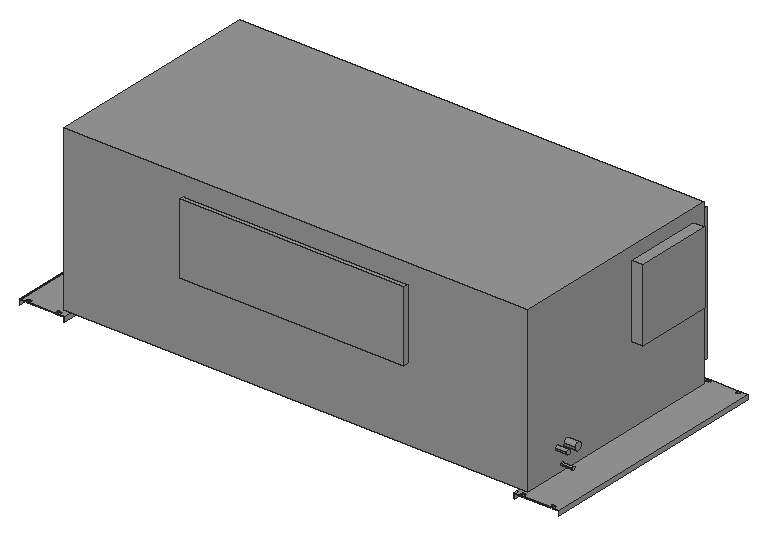
Revit family "Internal block_450_560_DH_1R1A", category Оборудование, Revit 2021
Family settings
  Размер круглого соединителя = Использовать диаметр
  Классификация = Нет
  Тип детали = Нормальный
  На основе рабочей плоскости = Нет
  Всегда вертикально = Да
  При загрузке вырезать с полостями = Нет
  Общий = Нет
  Точка принадлежности помещению = Нет
Parameters (values of type "BLHV-560-I-DH-AC/1R1A")
  dr = 15.9 mm
  dg = 28.6 mm
  dd = 10 mm
  Width = B  # 916 mm
  Weight = 222.00 kg
  Pressure_Static_Air [instance] = 0.0 Pa
  Power = 2500 W
  Maximum Air Flow = 0.0 L/s
  Load Classification = "HVAC"
  Length = A  # 2165 mm
  I = 563 mm
  Height = C  # 676 mm
  Отметка по умолчанию = 0 mm
  Изготовитель = "BLAUBERG"  # constant formula
  URL = ""
  Maintenance zone material = none
  H = 1563 mm
  Grid Material = Mesh, steel, painted,  white
  G = 292 mm
  F = 928 mm
  E = 950 mm
  Db = D1  # 1926 mm
  D2 = 2176 mm
  D1 = 1926 mm
  Casing Material = Steel, galvanized
  C = 676 mm
  Bb = B  # 916 mm
  B = 916 mm
  Air Flow [instance] = 0.0 L/s
  A = 2165 mm
  09_System_Name [instance] = ""
  00_20_Type = "BLHV-560-I-DH-AC/1R1A"
  00_20_Name = "Internal block"  # constant formula
  00_20_Manufacturer = "BLAUBERG"  # constant formula
Types (3, lengths in mm): name | Power | 00_20_Type
  (no name) | 2500 W | "BLHV-560-I-DH-AC/1R1A"
  BLHV-450-I-DH-AC/1R1A | 1600 W | "BLHV-450-I-DH-AC/1R1A"
  BLHV-560-I-DH-AC/1R1A | 2500 W | "BLHV-560-I-DH-AC/1R1A"
Reference planes
  plane 1 "По центру (Вперед/Назад)": y = 0
  plane 2: z = 0
  plane 3 "По центру (Влево/Вправо)": x = 0
  plane 4: y = 475
  plane 5: y = -475
  plane 6: x = -963
  plane 7: x = 963
  plane 8: z = 676
  plane 9: x = -963
  plane 10: x = 963
  plane 11: y = -458
  plane 12: y = 458
  plane 13: x = -963
  plane 14: x = 963
  plane 15: x = 1088
  plane 16: x = -1088
Forms (mm)
  Extrusion 1, solid, material "Steel, galvanized" <- "Casing Material"
    sketch origin (-5.978, 22.034, 0) x (1, 0, 0) y (0, 1, 0)
      loop
        line (-957.022, 435.966) -> (-957.022, -480.034) -> (968.978, -480.034) -> (968.978, 435.966) -> (-957.022, 435.966)
    from 0 to 676 <- "C"
  Extrusion 2, solid, material "Steel, galvanized" <- "Casing Material"
    sketch origin (0, 0, 0) x (1, 0, 0) y (0, 0, 1)
      loop
        line (464, 596) -> (-464, 596) -> (-464, 304) -> (464, 304) -> (464, 596)
    from 458 to 478
  Extrusion 3, solid, material "Steel, galvanized" <- "Casing Material"
    sketch origin (0, 0, 0) x (1, 0, 0) y (0, 0, 1)
      loop
        line (958, 646) -> (-605, 646) -> (-605, 83) -> (958, 83) -> (958, 646)
    from -478 to -458
  Extrusion 4, solid, material "Steel, galvanized" <- "Casing Material"
    sketch origin (0, 0, 0) x (0, 1, 0) y (0, 0, 1)
      loop
        circle (-258, 100) r 14.3
      loop
        circle (-308, 100) r 7.95
      loop
        circle (-283, 30) r 5
    from 1013 to 963
  Extrusion 5, solid, material "Steel, galvanized" <- "Casing Material"
    sketch origin (0, 0, 0) x (0, 1, 0) y (0, 0, 1)
      loop
        line (398.173, 626) -> (78.173, 626) -> (78.173, 326) -> (398.173, 326) -> (398.173, 626)
    from 963 to 1013
Dimensions and locks
  "Db": Extrusion 1 sketch curve to Extrusion 1 sketch curve
  equal spacing: plane 4, plane 1 "По центру (Вперед/Назад)", plane 5  (x2)
  "E": plane 4 to plane 5
  equal spacing: Extrusion 1 sketch curve, plane 3 "По центру (Влево/Вправо)", Extrusion 1 sketch curve
  equal spacing: plane 6, plane 3 "По центру (Влево/Вправо)", plane 7
  "Db": plane 6 to plane 7
  "C": plane 8 to level
  "F": Extrusion 2 sketch curve to Extrusion 2 sketch curve
  locked: plane 8 to Extrusion 2 sketch curve at 80
  "G": Extrusion 2 sketch curve to Extrusion 2 sketch curve
  locked: plane 7 to Extrusion 3 sketch curve at 5
  "H": Extrusion 3 sketch curve to Extrusion 3 sketch curve
  locked: plane 8 to Extrusion 3 sketch curve at 30
  "I": Extrusion 3 sketch curve to Extrusion 3 sketch curve
  locked: Extrusion 4 sketch curve to level at 100  (x2)
  Extrusion 5 sketch curve to Extrusion 5 sketch curve = 320 mm
  locked: plane 8 to Extrusion 5 sketch curve at 50
  Extrusion 5 sketch curve to Extrusion 5 sketch curve = 300 mm
  locked: Extrusion 4 sketch curve to level at 30
  equal spacing: plane 9, plane 3 "По центру (Влево/Вправо)", plane 10
  "D1": plane 9 to plane 10
  equal spacing: plane 12, plane 1 "По центру (Вперед/Назад)", plane 11
  "Bb": plane 12 to plane 11
  plane 11 to Extrusion 2 = 20 mm
  Extrusion 3 to plane 12 = 20 mm
  equal spacing: plane 13, plane 3 "По центру (Влево/Вправо)", plane 14
  "D1": plane 13 to plane 14
  equal spacing: plane 16, plane 3 "По центру (Влево/Вправо)", plane 15
  "D2": plane 16 to plane 15
  locked: plane 14 to Extrusion 5 at 50
  locked: plane 14 to Extrusion 4 at 50
  equal spacing: Extrusion 2 sketch curve, plane 3 "По центру (Влево/Вправо)", Extrusion 2 sketch curve
  "dg": diameter of Extrusion 4 sketch curve
  "dr": diameter of Extrusion 4 sketch curve
  "dd": diameter of Extrusion 4 sketch curve
  aligned and locked: level to plane 2
  aligned and locked: Extrusion 1 sketch curve to plane 12
  aligned and locked: plane 11 to Extrusion 1 sketch curve
  aligned and locked: plane 11 to Extrusion 2
  aligned and locked: Extrusion 3 to plane 12
  aligned and locked: Extrusion 5 to plane 14
  aligned and locked: Extrusion 4 to plane 14
Automatic sketch dimensions
  Extrusion 5 sketch curve to plane 1 "По центру (Вперед/Назад)" = 78.173 mm
  plane 11 to Extrusion 4 sketch curve = 150 mm
  Extrusion 4 sketch curve to Extrusion 4 sketch curve = 25 mm
  Extrusion 4 sketch curve to Extrusion 4 sketch curve = 50 mm
Nested families
  nested 1: "Fastening1" at (-1025.5, 0, 0), type "Fastening1"
  nested 2: "Fastening1" at (1025.5, 0, 0) x (-1, 0, 0) z (0, 0, 1), type "Fastening1"
Connectors
  hvac at (0, -478, 450), driven by "G", driven by "F"
    settings: on Extrusion 2, index 1, duct flow 0.0 L/s, flow factor 0, pres drop 0.0 Pa, loss coef 0, conn angle 0.00°, conn width 928 mm, conn height 292 mm, conn diameter 609.6 mm, duct sys type 29, conn prof type 1, flow config 0, flow direction 2, loss method 0, conn ref index -1, conn util no, is conn primary yes, conn desc ""
  hvac at (176.5, 478, 364.5), driven by "I", driven by "H"
    settings: on Extrusion 3, index 2, duct flow 0.0 L/s, flow factor 0, pres drop 0.0 Pa, loss coef 0, conn angle 0.00°, conn width 1563 mm, conn height 563 mm, conn diameter 609.6 mm, duct sys type 29, conn prof type 1, flow config 0, flow direction 1, loss method 0, conn ref index -1, conn util no, is conn primary no, conn desc ""
  piping at (1013, -258, 100), diameter 28.6, driven by "dg"
    settings: on Extrusion 4, index 3, connector inside diameter 609.6 mm, connector length 0 mm, flow factor 0, pipe flow 0.0 L/s, pressure drop 0.0 Pa, fitting loss kfactor 0, connector angle 0.00°, fixture units 0, engagement length 0 mm, angle of deflection 0.00°, flow configuration 0, flow direction 0, fitting loss method 0, system type 29, joint type 0, gender type 0, connector reference index -1, connector utility 0, adjustable connector no, is connector primary yes, connector description ""
  piping at (1013, -308, 100), diameter 15.9, driven by "dr"
    settings: on Extrusion 4, index 4, connector inside diameter 609.6 mm, connector length 0 mm, flow factor 0, pipe flow 0.0 L/s, pressure drop 0.0 Pa, fitting loss kfactor 0, connector angle 0.00°, fixture units 0, engagement length 0 mm, angle of deflection 0.00°, flow configuration 0, flow direction 0, fitting loss method 0, system type 19, joint type 0, gender type 0, connector reference index -1, connector utility 0, adjustable connector no, is connector primary no, connector description ""
  piping at (1013, -283, 30), diameter 10, driven by "dd"
    settings: on Extrusion 4, index 5, connector inside diameter 609.6 mm, connector length 0 mm, flow factor 0, pipe flow 0.0 L/s, pressure drop 0.0 Pa, fitting loss kfactor 0, connector angle 0.00°, fixture units 0, engagement length 0 mm, angle of deflection 0.00°, flow configuration 0, flow direction 0, fitting loss method 0, system type 29, joint type 0, gender type 0, connector reference index -1, connector utility 0, adjustable connector no, is connector primary no, connector description ""
Definition of nested family "Fastening1"
  Parameters (values of type "Семейство1")
    Default Elevation = 0 mm
    rf = 125 mm
    Material = none
    L = 980 mm
  Reference planes
    plane 1 "По центру (Вперед/Назад)": y = 0
    plane 2: z = 0
    plane 3 "По центру (Влево/Вправо)": x = 0
    plane 4: x = -62.5
    plane 5: x = 62.5
  Forms (mm)
    Extrusion 1, solid, material <- "Material"
      sketch origin (0, 0, 0) x (1, 0, 0) y (0, 0, 1)
        loop
          line (92.5, -20) -> (92.5, 0) -> (-92.5, 0) -> (-92.5, -20) -> (-90.5, -20) -> (-90.5, -2) -> (90.5, -2) -> (90.5, -20) -> (92.5, -20)
      from -490 to 490
    Extrusion 2, void
      sketch origin (-62.5, 460, 0) x (0, 1, 0) y (-1, 0, 0)
        loop
          line (30, 3.002) -> (24.616, 3.002)
          arc (24.616, 3.002) -> (23.202, 3.588) -> (22.616, 5.002) r 2
          line (22.616, 5.002) -> (22.616, 6.002)
          arc (22.616, 6.002) -> (22.03, 7.416) -> (20.616, 8.002) r 2
          line (20.616, 8.002) -> (16.509, 8.002)
          arc (16.509, 8.002) -> (15.095, 7.416) -> (14.509, 6.002) r 2
          line (14.509, 6.002) -> (14.509, 0) -> (14.509, -6.002)
          arc (14.509, -6.002) -> (15.095, -7.416) -> (16.509, -8.002) r 2
          line (16.509, -8.002) -> (20.616, -8.002)
          arc (20.616, -8.002) -> (22.03, -7.416) -> (22.616, -6.002) r 2
          line (22.616, -6.002) -> (22.616, -5.002)
          arc (22.616, -5.002) -> (23.202, -3.588) -> (24.616, -3.002) r 2
          line (24.616, -3.002) -> (30, -3.002) -> (30, 3.002)
      from -5 to 5.045
    Extrusion 3, void
      sketch origin (62.5, 460, 0) x (0, 1, 0) y (-1, 0, 0)
        loop
          line (30, -3.002) -> (30, 3.002) -> (24.616, 3.002)
          arc (24.616, 3.002) -> (23.202, 3.588) -> (22.616, 5.002) r 2
          line (22.616, 5.002) -> (22.616, 6.002)
          arc (22.616, 6.002) -> (22.03, 7.416) -> (20.616, 8.002) r 2
          line (20.616, 8.002) -> (16.509, 8.002)
          arc (16.509, 8.002) -> (15.095, 7.416) -> (14.509, 6.002) r 2
          line (14.509, 6.002) -> (14.509, 0) -> (14.509, -6.002)
          arc (14.509, -6.002) -> (15.095, -7.416) -> (16.509, -8.002) r 2
          line (16.509, -8.002) -> (20.616, -8.002)
          arc (20.616, -8.002) -> (22.03, -7.416) -> (22.616, -6.002) r 2
          line (22.616, -6.002) -> (22.616, -5.002)
          arc (22.616, -5.002) -> (23.202, -3.588) -> (24.616, -3.002) r 2
          line (24.616, -3.002) -> (30, -3.002)
      from -5 to 0
    Extrusion 4, void
      sketch origin (-62.5, -460, 0) x (0, -1, 0) y (1, 0, 0)
        loop
          line (30, -3.002) -> (30, 3.002) -> (24.616, 3.002)
          arc (24.616, 3.002) -> (23.202, 3.588) -> (22.616, 5.002) r 2
          line (22.616, 5.002) -> (22.616, 6.002)
          arc (22.616, 6.002) -> (22.03, 7.416) -> (20.616, 8.002) r 2
          line (20.616, 8.002) -> (16.509, 8.002)
          arc (16.509, 8.002) -> (15.095, 7.416) -> (14.509, 6.002) r 2
          line (14.509, 6.002) -> (14.509, 0) -> (14.509, -6.002)
          arc (14.509, -6.002) -> (15.095, -7.416) -> (16.509, -8.002) r 2
          line (16.509, -8.002) -> (20.616, -8.002)
          arc (20.616, -8.002) -> (22.03, -7.416) -> (22.616, -6.002) r 2
          line (22.616, -6.002) -> (22.616, -5.002)
          arc (22.616, -5.002) -> (23.202, -3.588) -> (24.616, -3.002) r 2
          line (24.616, -3.002) -> (30, -3.002)
      from -5 to 0
    Extrusion 5, void
      sketch origin (62.5, -460, 0) x (0, -1, 0) y (1, 0, 0)
        loop
          line (30, 3.002) -> (24.616, 3.002)
          arc (24.616, 3.002) -> (23.202, 3.588) -> (22.616, 5.002) r 2
          line (22.616, 5.002) -> (22.616, 6.002)
          arc (22.616, 6.002) -> (22.03, 7.416) -> (20.616, 8.002) r 2
          line (20.616, 8.002) -> (16.509, 8.002)
          arc (16.509, 8.002) -> (15.095, 7.416) -> (14.509, 6.002) r 2
          line (14.509, 6.002) -> (14.509, 0) -> (14.509, -6.002)
          arc (14.509, -6.002) -> (15.095, -7.416) -> (16.509, -8.002) r 2
          line (16.509, -8.002) -> (20.616, -8.002)
          arc (20.616, -8.002) -> (22.03, -7.416) -> (22.616, -6.002) r 2
          line (22.616, -6.002) -> (22.616, -5.002)
          arc (22.616, -5.002) -> (23.202, -3.588) -> (24.616, -3.002) r 2
          line (24.616, -3.002) -> (30, -3.002) -> (30, 3.002)
      from -5 to 0
  Cuts and joins
    Extrusion 2, Extrusion 3, Extrusion 4, Extrusion 5 cuts Extrusion 1
  Dimensions and locks
    equal spacing: Extrusion 1, plane 1 "По центру (Вперед/Назад)", Extrusion 1
    "L": Extrusion 1 to Extrusion 1
    equal spacing: plane 4, plane 3 "По центру (Влево/Вправо)", plane 5
    plane 4 to plane 5 = 125 mm
    aligned and locked: level to plane 2
  Automatic sketch dimensions
    Extrusion 1 sketch curve to level = 0 mm
    Extrusion 1 sketch curve to plane 4 = 30 mm
    Extrusion 1 sketch curve to Extrusion 1 sketch curve = 2 mm  (x2)
    plane 5 to Extrusion 1 sketch curve = 28 mm
    Extrusion 1 sketch curve to level = 2 mm
    Extrusion 1 sketch curve to Extrusion 1 sketch curve = 18 mm  (x2)
    Extrusion 2 sketch curve to plane 4 = 0 mm
    Extrusion 2 sketch curve to plane 1 "По центру (Вперед/Назад)" = 474.509 mm
    Extrusion 2 sketch curve to Extrusion 2 sketch curve = 2 mm  (x6)
    Extrusion 2 sketch curve to Extrusion 2 sketch curve = 4.107 mm  (x2)
    Extrusion 2 sketch curve to Extrusion 2 sketch curve = 5.384 mm
    plane 4 to Extrusion 2 sketch curve = 3.002 mm
    plane 4 to Extrusion 2 sketch curve = 6.002 mm
    Extrusion 2 sketch curve to plane 4 = 3.002 mm
    Extrusion 2 sketch curve to Extrusion 2 sketch curve = 1 mm
    Extrusion 3 sketch curve to plane 5 = 0 mm
    Extrusion 3 sketch curve to plane 1 "По центру (Вперед/Назад)" = 474.509 mm
    Extrusion 3 sketch curve to Extrusion 3 sketch curve = 2 mm  (x6)
    Extrusion 3 sketch curve to Extrusion 3 sketch curve = 4.107 mm  (x2)
    Extrusion 3 sketch curve to Extrusion 3 sketch curve = 5.384 mm
    plane 5 to Extrusion 3 sketch curve = 3.002 mm
    Extrusion 3 sketch curve to Extrusion 3 sketch curve = 1 mm  (x2)
    Extrusion 3 sketch curve to plane 5 = 3.002 mm
    Extrusion 4 sketch curve to plane 4 = 0 mm
    plane 1 "По центру (Вперед/Назад)" to Extrusion 4 sketch curve = 474.509 mm
    Extrusion 4 sketch curve to Extrusion 4 sketch curve = 2 mm  (x6)
    Extrusion 4 sketch curve to Extrusion 4 sketch curve = 4.107 mm  (x2)
    Extrusion 4 sketch curve to Extrusion 4 sketch curve = 5.384 mm
    Extrusion 4 sketch curve to plane 4 = 3.002 mm
    Extrusion 4 sketch curve to Extrusion 4 sketch curve = 1 mm  (x2)
    plane 4 to Extrusion 4 sketch curve = 3.002 mm
    Extrusion 5 sketch curve to plane 5 = 0 mm
    plane 1 "По центру (Вперед/Назад)" to Extrusion 5 sketch curve = 474.509 mm
    Extrusion 5 sketch curve to Extrusion 5 sketch curve = 2 mm  (x6)
    Extrusion 5 sketch curve to Extrusion 5 sketch curve = 4.107 mm  (x2)
    Extrusion 5 sketch curve to Extrusion 5 sketch curve = 5.384 mm
    Extrusion 5 sketch curve to plane 5 = 3.002 mm
    Extrusion 5 sketch curve to plane 5 = 6.002 mm
    plane 5 to Extrusion 5 sketch curve = 3.002 mm
    Extrusion 5 sketch curve to Extrusion 5 sketch curve = 1 mm
